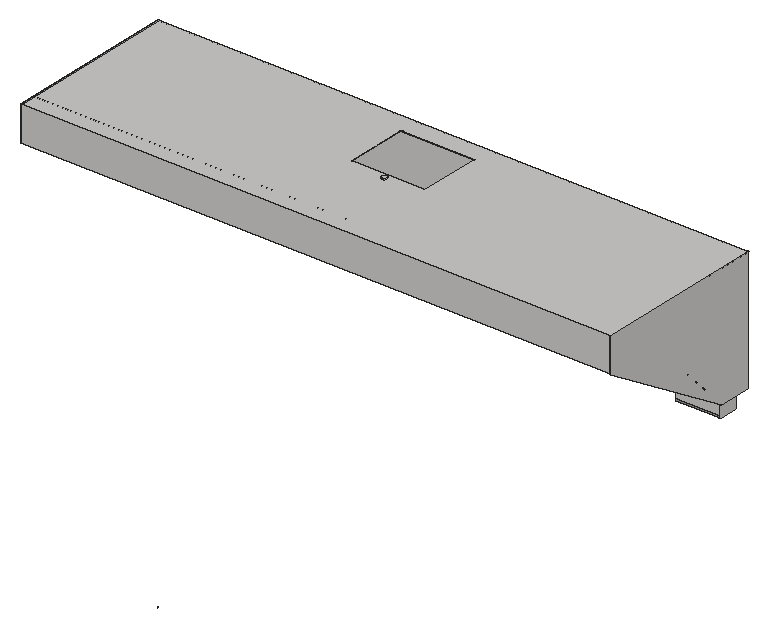
Revit family "QF_ELECTROLUXPROFESSIONAL_644202_AMPV724DT", category Attrezzature speciali, Revit 2021
Family settings
  Quota connettore circolare = Usa diametro
  Tipo di parte = Normale
  Basato su piano di lavoro = No
  Sempre verticale = Sì
  Taglio con vuoti quando caricato = No
  Condiviso = No
  Punto di calcolo locali = No
Parameters (values of type "Standard")
  Weight = 49.00 kg
  Watts = 550 W
  Volts = 220 V
  URL Manufacturer = "https://www.electroluxprofessional.com/"
  URL = "https://www.electroluxprofessional.com/"
  Steam Supply Size = 0 mm
  Steam Supply Minimum Pressure = 0.0 Pa
  Steam Supply Maximum Pressure = 0.0 Pa
  Steam Consumption per Hour = 0
  Refrigeration Suction Line Size = 0 mm
  Refrigeration Liquid Line Size = 0 mm
  Refrigerant Compressor Remote = yes
  Prospetto di default = 0 mm
  Produttore = "Electrolux Professional"
  Phase = 1
  Modello = "AMPV724DT"
  Length Actual = 2400 mm  # constant formula
  Item Number = "644202"
  Hot Water Size = 0 mm
  Height Actual = 500 mm  # constant formula
  HP = "0.7 HP"
  Gas Size = 0 mm
  Gas KW = 0
  Gas Input Pressure = 0 W
  Direct Waste Size = 0 mm
  Descrizione = "304 S/S WALL HOOD+FILTERS+FAN 2400X700MM"
  Depth Actual = 700 mm  # constant formula
  Cycle = 50 Hz
  Condensate Return Size = 0 mm
  Compressed Air Volume = 0.0 L/s
  Compressed Air Size = 0 mm
  Compressed Air Pressure = 0.0 Pa
  Cold Water Size = 0 mm
  Accessory = yes
Reference planes
  plane 1: z = 0
  plane 2 "Center (Left/Right)": x = 150
  plane 3 "LEFT": x = -1050
  plane 4 "RIGHT": x = 1350
  plane 5 "BACK": y = 550
  plane 6 "Plane": z = 2000
  plane 7 "TOP": z = 2140
  plane 8 "Base": z = 1640
  plane 9: z = 1566
  plane 10 "DrainY": y = 485
  plane 11: x = -1047
  plane 12: through (0, 414.509, 1640.8) normal (0, 0.7314, 0.682)
  plane 13: y = 470
  plane 14: y = 220
  plane 15 "DrainX": x = 1230
  plane 16: x = 300
  plane 17: x = 0
  plane 18: x = 1347
  plane 19: x = 1140
  plane 20: x = 1320
  plane 21: x = -1010
  plane 22: x = -645
  plane 23: x = -450
  plane 24: x = 1310
  plane 25: x = 945
  plane 26: x = 750
  plane 27: x = -47.5
  plane 28: x = 347.5
  plane 29 "Center (Front/Back)": y = 200
  plane 30 "Front": y = -150
Forms (mm)
  Extrusion 1, solid, material "QF_Finishes_Stainless Steel"
    sketch origin (-1050, 0, 0) x (0, 1, 0) y (0, 0, 1)
      loop
        line (550, 1640) -> (550, 2140) -> (-150, 2140) -> (-150, 1999.112) -> (413.973, 1640) -> (550, 1640)
    from 0 to 3
  Extrusion 2, solid, material "QF_Finishes_Stainless Steel"
    sketch origin (150, 0, 0) x (0, 1, 0) y (0, 0, 1)
      loop
        line (415.255, 1640) -> (550, 1640) -> (550, 2139.19) -> (549.2, 2139.19) -> (549.2, 1640.8) -> (415.876, 1640.8) -> (339.347, 1722.867) -> (349.609, 1732.436) -> (348.927, 1733.167) -> (337.934, 1722.917) -> (415.255, 1640)
      loop
        line (-82.203, 2139.19) -> (-82.203, 2118.6) -> (-31.047, 2118.6) -> (34.354, 2048.466) -> (46.028, 2059.352) -> (45.346, 2060.083) -> (34.403, 2049.879) -> (-30.612, 2119.6) -> (-81.203, 2119.6) -> (-81.203, 2139.19) -> (-82.203, 2139.19)
    from -1197 to 1197
  Extrusion 3, solid, material "QF_Finishes_Stainless Steel"
    sketch origin (1350, 0, 0) x (0, 1, 0) y (0, 0, 1)
      loop
        line (550, 1640) -> (550, 2140) -> (-150, 2140) -> (-150, 1999.112) -> (413.973, 1640) -> (550, 1640)
    from 0 to -3
  Extrusion 4, solid, material "QF_Finishes_Stainless Steel"
    sketch origin (150, 0, 0) x (0, 1, 0) y (0, 0, 1)
      loop
        line (-150, 2140) -> (-150, 2000) -> (-149.2, 2000) -> (-149.2, 2139.19) -> (550, 2139.19) -> (550, 2140) -> (-150, 2140)
    from -1200 to 1200
  Extrusion 5, solid, material "QF_Finishes_Stainless Steel"
    sketch origin (150, 0, 0) x (0, 1, 0) y (0, 0, 1)
      loop
        line (534, 1640) -> (436, 1640) -> (436, 1627) -> (443.5, 1627) -> (443.5, 1576)
        arc (443.5, 1576) -> (446.429, 1568.929) -> (453.5, 1566) r 10
        line (453.5, 1566) -> (516.5, 1566)
        arc (516.5, 1566) -> (523.571, 1568.929) -> (526.5, 1576) r 10
        line (526.5, 1576) -> (526.5, 1627) -> (534, 1627) -> (534, 1640)
    from 990 to 1170
  Extrusion 6, solid, material "QF_Finishes_Stainless Steel"
    sketch origin (0, 0, 1640) x (0, 1, 0) y (-1, 0, 0)
      loop
        circle (485, -1230) r 20
    from -76 to -74
  Extrusion 7, solid, material "QF_Finished_Chrome"
    sketch origin (150, 0, 0) x (0, 1, 0) y (0, 0, 1)
      loop
        line (337.934, 1722.917) -> (341.591, 1726.327) -> (38.011, 2051.876) -> (34.354, 2048.466) -> (337.934, 1722.917)
    from -795 to -1160
  Extrusion 8, solid, material "QF_Finished_Chrome"
    sketch origin (150, 0, 0) x (0, 1, 0) y (0, 0, 1)
      loop
        line (337.934, 1722.917) -> (341.591, 1726.327) -> (38.011, 2051.876) -> (34.354, 2048.466) -> (337.934, 1722.917)
    from -197.5 to -600
  Extrusion 9, solid, material "QF_Finishes_Stainless Steel"
    sketch origin (150, 0, 0) x (0, 1, 0) y (0, 0, 1)
      loop
        line (337.934, 1722.917) -> (341.591, 1726.327) -> (38.011, 2051.876) -> (34.354, 2048.466) -> (337.934, 1722.917)
    from 1197 to 1160
  Extrusion 10, solid, material "QF_Finishes_Stainless Steel"
    sketch origin (150, 0, 0) x (0, 1, 0) y (0, 0, 1)
      loop
        line (341.588, 1726.324) -> (38.009, 2051.874) -> (34.354, 2048.466) -> (337.934, 1722.917) -> (341.588, 1726.324)
    from -795 to -600
  Extrusion 11, solid, material "QF_Finished_Chrome"
    sketch origin (150, 0, 0) x (0, 1, 0) y (0, 0, 1)
      loop
        line (341.588, 1726.324) -> (38.009, 2051.874) -> (34.354, 2048.466) -> (337.934, 1722.917) -> (341.588, 1726.324)
    from 795 to 1160
  Extrusion 12, void
    sketch origin (0, 0, 2140) x (0, 1, 0) y (-1, 0, 0)
      loop
        line (470, 0) -> (220, 0) -> (220, -300) -> (470, -300) -> (470, 0)
    from 0 to -10
  Extrusion 13, solid, material "QF_Finishes_Stainless Steel"
    sketch origin (0, 0, 0) x (1, 0, 0) y (0, 1, 0)
      loop
        line (-1050, 550) -> (-1050, 549) -> (-1049, 549) -> (-1049, 550) -> (-1050, 550)
    from 0 to 1
  Extrusion 14, solid, material "QF_Finishes_Stainless Steel"
    sketch origin (150, 0, 0) x (0, 1, 0) y (0, 0, 1)
      loop
        line (337.934, 1722.917) -> (341.591, 1726.327) -> (38.011, 2051.876) -> (34.354, 2048.466) -> (337.934, 1722.917)
    from -1160 to -1197
  Extrusion 15, solid, material "QF_Finishes_Stainless Steel"
    sketch origin (150, 0, 0) x (0, 1, 0) y (0, 0, -1)
      loop
        line (341.588, -1726.324) -> (337.934, -1722.917) -> (34.354, -2048.466) -> (38.009, -2051.874) -> (341.588, -1726.324)
    from -795 to -600
  Extrusion 16, solid, material "QF_Finished_Chrome"
    sketch origin (150, 0, 0) x (0, 1, 0) y (0, 0, 1)
      loop
        line (337.934, 1722.917) -> (341.591, 1726.327) -> (38.011, 2051.876) -> (34.354, 2048.466) -> (337.934, 1722.917)
    from 600 to 197.5
  Extrusion 17, solid, material "QF_Finishes_Stainless Steel"
    sketch origin (150, 0, 0) x (0, 1, 0) y (0, 0, -1)
      loop
        line (341.588, -1726.324) -> (337.934, -1722.917) -> (34.354, -2048.466) -> (38.009, -2051.874) -> (341.588, -1726.324)
    from -197.5 to 197.5
  Extrusion 18, solid, material "QF_Finishes_Stainless Steel"
    sketch origin (0, 0, 2140) x (0, 1, 0) y (-1, 0, 0)
      loop
        circle (200, -150) r 10
    from 0 to 2
Cuts and joins
  Extrusion 12 cuts Extrusion 4
  joined: Extrusion 2, Extrusion 4
Lines and regions (mm)
  reference lines
    curve 1: line (150, 34.354, 2048.466) -> (150, 34.354, 1888.466)
  symbolic lines, style "SpecialityEquipment", detail levels coarse
    curve 2: line (1350, 550, 2140) -> (-1050, 550, 2140)
    curve 3: line (-1050, 550, 2140) -> (-1050, -150, 2140)
    curve 4: line (1350, -150, 2140) -> (1350, 550, 2140)
    curve 5: line (-1050, -150, 2140) -> (1350, -150, 2140)
    curve 6: line (0, 220, 2140) -> (300, 220, 2140)
    curve 7: line (0, 470, 2140) -> (0, 220, 2140)
    curve 8: line (300, 470, 2140) -> (0, 470, 2140)
    curve 9: line (300, 220, 2140) -> (300, 470, 2140)
  symbolic lines, detail levels coarse
    curve 10: line (-1050, -150, 2140) -> (1350, 550, 2140)
    curve 11: line (-1050, 550, 2140) -> (1350, -150, 2140)
Dimensions and locks
  plane 3 "LEFT" to plane 4 "RIGHT" = 2400 mm
  equal spacing: plane 3 "LEFT", plane 2 "Center (Left/Right)", plane 4 "RIGHT"
  locked: plane 6 "Plane" to level at 2000
  plane 7 "TOP" to plane 6 "Plane" = 140 mm
  locked: plane 7 "TOP" to plane 8 "Base" at 500
  plane 8 "Base" to plane 9 = 74 mm
  plane 5 "BACK" to plane 10 "DrainY" = 65 mm  (x2)
  plane 3 "LEFT" to plane 11 = 3 mm
  plane 5 "BACK" to plane 13 = 80 mm
  plane 13 to plane 14 = 250 mm  (x2)
  plane 15 "DrainX" to plane 4 "RIGHT" = 120 mm
  plane 18 to plane 4 "RIGHT" = 3 mm
  locked: plane 19 to plane 15 "DrainX" at 90
  locked: plane 15 "DrainX" to plane 20 at 90
  plane 13 to plane 5 "BACK" = 80 mm
  locked: plane 3 "LEFT" to plane 21 at 40
  locked: plane 21 to plane 22 at 365
  locked: plane 22 to plane 23 at 195
  locked: plane 24 to plane 25 at 365
  locked: plane 25 to plane 26 at 195
  locked: plane 24 to plane 4 "RIGHT" at 40
  locked: plane 27 to plane 28 at 395
  equal spacing: plane 27, plane 2 "Center (Left/Right)", plane 28
  locked: plane 17 to plane 16 at 300
  equal spacing: plane 17, plane 2 "Center (Left/Right)", plane 16
  plane 23 to plane 27 = 402.5 mm
  plane 28 to plane 26 = 402.5 mm
  locked: plane 5 "BACK" to plane 30 "Front" at 700
  equal spacing: plane 5 "BACK", plane 29 "Center (Front/Back)", plane 30 "Front"
  plane 5 "BACK" to plane 30 "Front" = 700 mm
  aligned and locked: level to plane 1
  aligned and locked: Extrusion 2 to Extrusion 1
  aligned and locked: Extrusion 2 to Extrusion 3
  aligned and locked: plane 4 "RIGHT" to Extrusion 4
  aligned and locked: Extrusion 4 to plane 3 "LEFT"
  aligned and locked: plane 18 to Extrusion 9
  aligned and locked: plane 17 to Extrusion 12
  aligned and locked: Extrusion 12 to plane 16
  aligned and locked: Extrusion 12 to plane 14
  aligned and locked: Extrusion 12 to plane 13
  aligned and locked: Extrusion 2 to Extrusion 4
  aligned and locked: plane 20 to Extrusion 5
  aligned and locked: Extrusion 5 to plane 19
  aligned and locked: Extrusion 9 to plane 24
  aligned and locked: Extrusion 11 to plane 24
  aligned and locked: Extrusion 11 to plane 25
  aligned and locked: Extrusion 8 to plane 23
  aligned and locked: plane 23 to Extrusion 10
  aligned and locked: Extrusion 10 to plane 22
  aligned and locked: plane 22 to Extrusion 7
  aligned and locked: Extrusion 7 to plane 21
  aligned and locked: Extrusion 14 to plane 11
  aligned and locked: plane 21 to Extrusion 14
  aligned and locked: Extrusion 15 to plane 26
  aligned and locked: Extrusion 15 to plane 25
  aligned and locked: Extrusion 3 to plane 18
  aligned and locked: plane 27 to Extrusion 8
  aligned and locked: Extrusion 16 to plane 26
  aligned and locked: Extrusion 16 to plane 28
  aligned and locked: plane 28 to Extrusion 17
  aligned and locked: Extrusion 17 to plane 27
Automatic sketch dimensions
  Extrusion 2 sketch curve to plane 12 = 0 mm  (x3)
  Extrusion 2 sketch curve to plane 8 "Base" = 0 mm
  plane 12 to Extrusion 2 sketch curve = 0 mm
  Extrusion 2 sketch curve to plane 5 "BACK" = 0 mm
  Extrusion 2 sketch curve to Extrusion 2 sketch curve = 65.646 mm
  Extrusion 2 sketch curve to Extrusion 2 sketch curve = 0.682 mm  (x2)
  Extrusion 2 sketch curve to Extrusion 2 sketch curve = 10.261 mm
  plane 8 "Base" to Extrusion 2 sketch curve = 82.917 mm
  Extrusion 2 sketch curve to Extrusion 2 sketch curve = 10.942 mm
  Extrusion 2 sketch curve to Extrusion 2 sketch curve = 0.049 mm
  Extrusion 2 sketch curve to plane 7 "TOP" = 20.4 mm
  Extrusion 2 sketch curve to plane 7 "TOP" = 21.4 mm
  Extrusion 2 sketch curve to plane 7 "TOP" = 0.81 mm  (x2)
  Extrusion 2 sketch curve to Extrusion 2 sketch curve = 50.156 mm
  Extrusion 2 sketch curve to Extrusion 2 sketch curve = 1 mm
  plane 8 "Base" to Extrusion 2 sketch curve = 0.8 mm
  Extrusion 2 sketch curve to plane 5 "BACK" = 0.8 mm
  Extrusion 4 sketch curve to plane 6 "Plane" = 0 mm
  Extrusion 4 sketch curve to plane 5 "BACK" = 0 mm
  Extrusion 4 sketch curve to plane 7 "TOP" = 0 mm
  Extrusion 4 sketch curve to plane 7 "TOP" = 0.81 mm
  curve 1 to plane 12 = 0 mm
  curve 1 to plane 6 "Plane" = 111.534 mm
  Extrusion 5 sketch curve to plane 8 "Base" = 0 mm
  Extrusion 5 sketch curve to plane 9 = 0 mm
  Extrusion 5 sketch curve to plane 8 "Base" = 13 mm  (x2)
  plane 13 to Extrusion 5 sketch curve = 34 mm
  Extrusion 5 sketch curve to Extrusion 5 sketch curve = 7.5 mm  (x2)
  Extrusion 5 sketch curve to Extrusion 5 sketch curve = 10 mm
  plane 10 "DrainY" to Extrusion 5 sketch curve = 31.5 mm
  Extrusion 5 sketch curve to plane 5 "BACK" = 23.5 mm
  Extrusion 6 sketch curve to plane 10 "DrainY" = 0 mm
  Extrusion 6 sketch curve to plane 15 "DrainX" = 0 mm
  Extrusion 7 sketch curve to plane 12 = 0 mm  (x2)
  Extrusion 7 sketch curve to Extrusion 7 sketch curve = 3.657 mm
  plane 8 "Base" to Extrusion 7 sketch curve = 82.917 mm
  Extrusion 8 sketch curve to plane 12 = 0 mm  (x2)
  Extrusion 8 sketch curve to Extrusion 8 sketch curve = 3.657 mm
  plane 8 "Base" to Extrusion 8 sketch curve = 82.917 mm
  Extrusion 9 sketch curve to plane 12 = 0 mm  (x2)
  Extrusion 9 sketch curve to Extrusion 9 sketch curve = 3.657 mm
  plane 8 "Base" to Extrusion 9 sketch curve = 82.917 mm
  Extrusion 10 sketch curve to plane 12 = 0 mm  (x2)
  Extrusion 10 sketch curve to Extrusion 10 sketch curve = 3.655 mm
  plane 8 "Base" to Extrusion 10 sketch curve = 82.917 mm
  Extrusion 11 sketch curve to plane 12 = 0 mm  (x2)
  Extrusion 11 sketch curve to Extrusion 11 sketch curve = 3.655 mm
  plane 8 "Base" to Extrusion 11 sketch curve = 82.917 mm
  Extrusion 12 sketch curve to plane 14 = 0 mm
  plane 13 to Extrusion 12 sketch curve = 0 mm
  Extrusion 12 sketch curve to plane 16 = 0 mm
  Extrusion 12 sketch curve to plane 17 = 0 mm
  Extrusion 13 sketch curve to plane 3 "LEFT" = 0 mm
  Extrusion 13 sketch curve to plane 5 "BACK" = 0 mm
  plane 3 "LEFT" to Extrusion 13 sketch curve = 1 mm
  Extrusion 13 sketch curve to Extrusion 13 sketch curve = 1 mm
  Extrusion 14 sketch curve to plane 12 = 0 mm  (x2)
  Extrusion 14 sketch curve to Extrusion 14 sketch curve = 3.657 mm
  plane 8 "Base" to Extrusion 14 sketch curve = 82.917 mm
  Extrusion 15 sketch curve to plane 12 = 0 mm  (x2)
  Extrusion 15 sketch curve to Extrusion 15 sketch curve = 3.655 mm
  plane 8 "Base" to Extrusion 15 sketch curve = 82.917 mm
  Extrusion 16 sketch curve to plane 12 = 0 mm  (x2)
  Extrusion 16 sketch curve to Extrusion 16 sketch curve = 3.657 mm
  plane 8 "Base" to Extrusion 16 sketch curve = 82.917 mm
  Extrusion 17 sketch curve to plane 12 = 0 mm  (x2)
  Extrusion 17 sketch curve to Extrusion 17 sketch curve = 3.655 mm
  plane 8 "Base" to Extrusion 17 sketch curve = 82.917 mm
  Extrusion 4 sketch curve to Extrusion 4 sketch curve = 0.8 mm
  plane 6 "Plane" to Extrusion 2 sketch curve = 48.466 mm
  Extrusion 4 sketch curve to plane 14 = 369.2 mm
  curve 1 to plane 14 = 185.646 mm
  plane 6 "Plane" to Extrusion 7 sketch curve = 51.876 mm
  plane 6 "Plane" to Extrusion 8 sketch curve = 51.876 mm
  plane 6 "Plane" to Extrusion 9 sketch curve = 51.876 mm
  plane 6 "Plane" to Extrusion 10 sketch curve = 51.874 mm
  plane 6 "Plane" to Extrusion 11 sketch curve = 51.874 mm
  plane 6 "Plane" to Extrusion 14 sketch curve = 51.876 mm
  plane 6 "Plane" to Extrusion 15 sketch curve = 51.874 mm
  plane 6 "Plane" to Extrusion 16 sketch curve = 51.876 mm
  plane 6 "Plane" to Extrusion 17 sketch curve = 51.874 mm
  Extrusion 1 sketch curve to plane 5 "BACK" = 0 mm
  Extrusion 1 sketch curve to plane 7 "TOP" = 0 mm
  plane 13 to Extrusion 1 sketch curve = 56.027 mm
  Extrusion 3 sketch curve to plane 30 "Front" = 0 mm
  Extrusion 3 sketch curve to plane 8 "Base" = 0 mm
  Extrusion 3 sketch curve to plane 5 "BACK" = 0 mm
  Extrusion 3 sketch curve to plane 7 "TOP" = 0 mm
  plane 13 to Extrusion 3 sketch curve = 56.027 mm
  Extrusion 3 sketch curve to plane 6 "Plane" = 0.888 mm
  Extrusion 1 sketch curve to plane 30 "Front" = 0 mm
  Extrusion 1 sketch curve to plane 8 "Base" = 0 mm
  Extrusion 1 sketch curve to plane 6 "Plane" = 0.888 mm
  Extrusion 18 sketch curve to plane 2 "Center (Left/Right)" = 0 mm
  Extrusion 18 sketch curve to plane 29 "Center (Front/Back)" = 0 mm
  curve 11 to plane 4 "RIGHT" = 0 mm
  curve 10 to plane 30 "Front" = 0 mm
  curve 7 to plane 14 = 0 mm
  plane 13 to curve 7 = 0 mm
  curve 3 to plane 5 "BACK" = 0 mm
  curve 11 to plane 3 "LEFT" = 0 mm
  curve 9 to plane 16 = 0 mm
  curve 7 to plane 17 = 0 mm
  radius of Extrusion 6 sketch curve = 20 mm
  radius of Extrusion 18 sketch curve = 10 mm
Connectors
  piping at (1230, 485, 1564), diameter 20
    settings: on Extrusion 6, index 1, connector inside diameter 609.6 mm, connector length 0 mm, flow factor 0, pipe flow 0.0 L/s, pressure drop 0.0 Pa, fitting loss kfactor 0, connector angle 0.00°, fixture units 0, engagement length 0 mm, angle of deflection 0.00°, flow configuration 1, flow direction 2, fitting loss method 0, system type 16, joint type 0, gender type 0, connector reference index -1, connector utility 0, adjustable connector no, is connector primary yes, connector description "Drain"
  hvac at (150, 345, 2140)
    settings: on Extrusion 12, index 2, duct flow 0.0 L/s, flow factor 0, pres drop 0.0 Pa, loss coef 0, conn angle 0.00°, conn width 250 mm, conn height 300 mm, conn diameter 609.6 mm, duct sys type 3, conn prof type 1, flow config 1, flow direction 2, loss method 0, conn ref index -1, conn util no, is conn primary yes, conn desc "EXHAUST OUTLET"
  electrical at (150, 200, 2142)
    settings: on Extrusion 18, index 3, voltage 0 V, apparent load 0 VA, apparent load phase1 0 VA, apparent load phase2 0 VA, apparent load phase3 0 VA, power factor 1, load classification "Other", number of poles 1, system type 30, power factor state 1, is connector primary yes, connector utility no, sub classification motor no, connector description "Electrical connection"
